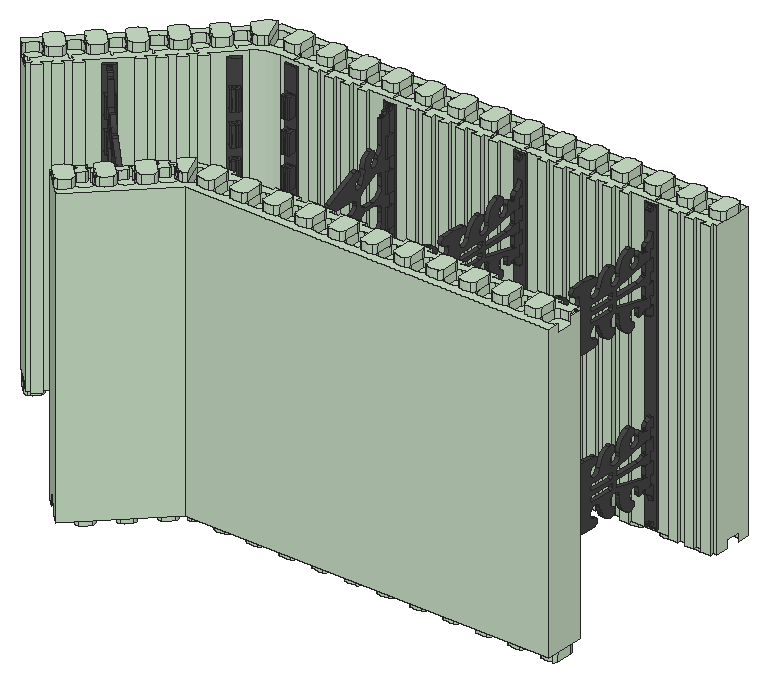
Revit family (continued)
Forms (mm)
  Extrusion 53, void
    sketch origin (547.988, 50.776, 0) x (0.707107, 0.707107, 0) y (-0.707107, 0.707107, 0)
      loop
        line (-50.56, 181.314) -> (-54.54, 177.334) -> (-51.471, 174.266) -> (-45.255, 180.482)
        arc (-45.255, 180.482) -> (-44.768, 180.814) -> (-44.193, 180.946) r 1.587
        arc (-44.193, 180.946) -> (-41.894, 181.472) -> (-39.946, 182.801) r 6.35
        line (-39.946, 182.801) -> (-23.401, 199.345)
        arc (-23.401, 199.345) -> (-21.619, 202.847) -> (-22.238, 206.726) r 6.35
        arc (-22.238, 206.726) -> (-27.183, 213.524) -> (-33.981, 218.47) r 26.988
    from 0 to 12.7
  Extrusion 54, void
    sketch origin (497.188, 50.776, 0) x (0.707107, 0.707107, 0) y (-0.707107, 0.707107, 0)
      loop
        arc (-33.981, 218.47) -> (-37.861, 219.088) -> (-41.362, 217.306) r 6.35
        line (-41.362, 217.306) -> (-57.906, 200.761)
        arc (-57.906, 200.761) -> (-59.689, 197.26) -> (-59.07, 193.38) r 6.35
        arc (-59.07, 193.38) -> (-55.492, 188.056) -> (-50.758, 183.727) r 26.988
        arc (-50.758, 183.727) -> (-50.1, 182.566) -> (-50.56, 181.314) r 1.588
        line (-50.56, 181.314) -> (-54.54, 177.334) -> (-51.471, 174.266) -> (-45.255, 180.482)
        arc (-45.255, 180.482) -> (-44.768, 180.814) -> (-44.193, 180.946) r 1.587
        arc (-44.193, 180.946) -> (-41.894, 181.472) -> (-39.946, 182.801) r 6.35
        line (-39.946, 182.801) -> (-23.401, 199.345)
        arc (-23.401, 199.345) -> (-21.619, 202.847) -> (-22.238, 206.726) r 6.35
        arc (-22.238, 206.726) -> (-27.183, 213.524) -> (-33.981, 218.47) r 26.988
    from 0 to 12.7
  Extrusion 55, void
    sketch origin (446.388, 50.776, 0) x (0.707107, 0.707107, 0) y (-0.707107, 0.707107, 0)
      loop
        arc (-33.981, 218.47) -> (-37.861, 219.088) -> (-41.362, 217.306) r 6.35
        line (-41.362, 217.306) -> (-57.906, 200.761)
        arc (-57.906, 200.761) -> (-59.689, 197.26) -> (-59.07, 193.38) r 6.35
        arc (-59.07, 193.38) -> (-55.492, 188.056) -> (-50.758, 183.727) r 26.988
        arc (-50.758, 183.727) -> (-50.1, 182.566) -> (-50.56, 181.314) r 1.588
        line (-50.56, 181.314) -> (-54.54, 177.334) -> (-51.471, 174.266) -> (-45.255, 180.482)
        arc (-45.255, 180.482) -> (-44.768, 180.814) -> (-44.193, 180.946) r 1.587
        arc (-44.193, 180.946) -> (-41.894, 181.472) -> (-39.946, 182.801) r 6.35
        line (-39.946, 182.801) -> (-23.401, 199.345)
        arc (-23.401, 199.345) -> (-21.619, 202.847) -> (-22.238, 206.726) r 6.35
        arc (-22.238, 206.726) -> (-27.183, 213.524) -> (-33.981, 218.47) r 26.988
    from 0 to 12.7
  Extrusion 56, void
    sketch origin (395.588, 50.776, 0) x (0.707107, 0.707107, 0) y (-0.707107, 0.707107, 0)
      loop
        arc (-33.981, 218.47) -> (-37.861, 219.088) -> (-41.362, 217.306) r 6.35
        line (-41.362, 217.306) -> (-57.906, 200.761)
        arc (-57.906, 200.761) -> (-59.689, 197.26) -> (-59.07, 193.38) r 6.35
        arc (-59.07, 193.38) -> (-55.492, 188.056) -> (-50.758, 183.727) r 26.988
        arc (-50.758, 183.727) -> (-50.1, 182.566) -> (-50.56, 181.314) r 1.588
        line (-50.56, 181.314) -> (-54.54, 177.334) -> (-51.471, 174.266) -> (-45.255, 180.482)
        arc (-45.255, 180.482) -> (-44.768, 180.814) -> (-44.193, 180.946) r 1.587
        arc (-44.193, 180.946) -> (-41.894, 181.472) -> (-39.946, 182.801) r 6.35
        line (-39.946, 182.801) -> (-23.401, 199.345)
        arc (-23.401, 199.345) -> (-21.619, 202.847) -> (-22.238, 206.726) r 6.35
        arc (-22.238, 206.726) -> (-27.183, 213.524) -> (-33.981, 218.47) r 26.988
    from 0 to 12.7
  Extrusion 57, void
    sketch origin (344.788, 50.776, 0) x (0.707107, 0.707107, 0) y (-0.707107, 0.707107, 0)
      loop
        arc (-33.981, 218.47) -> (-37.861, 219.088) -> (-41.362, 217.306) r 6.35
        line (-41.362, 217.306) -> (-57.906, 200.761)
        arc (-57.906, 200.761) -> (-59.689, 197.26) -> (-59.07, 193.38) r 6.35
        arc (-59.07, 193.38) -> (-55.492, 188.056) -> (-50.758, 183.727) r 26.988
        arc (-50.758, 183.727) -> (-50.1, 182.566) -> (-50.56, 181.314) r 1.588
        line (-50.56, 181.314) -> (-54.54, 177.334) -> (-51.471, 174.266) -> (-45.255, 180.482)
        arc (-45.255, 180.482) -> (-44.768, 180.814) -> (-44.193, 180.946) r 1.587
        arc (-44.193, 180.946) -> (-41.894, 181.472) -> (-39.946, 182.801) r 6.35
        line (-39.946, 182.801) -> (-23.401, 199.345)
        arc (-23.401, 199.345) -> (-21.619, 202.847) -> (-22.238, 206.726) r 6.35
        arc (-22.238, 206.726) -> (-27.183, 213.524) -> (-33.981, 218.47) r 26.988
    from 0 to 12.7
  Extrusion 58, void
    sketch origin (293.988, 50.776, 0) x (0.707107, 0.707107, 0) y (-0.707107, 0.707107, 0)
      loop
        arc (-33.981, 218.47) -> (-37.861, 219.088) -> (-41.362, 217.306) r 6.35
        line (-41.362, 217.306) -> (-57.906, 200.761)
        arc (-57.906, 200.761) -> (-59.689, 197.26) -> (-59.07, 193.38) r 6.35
        arc (-59.07, 193.38) -> (-55.492, 188.056) -> (-50.758, 183.727) r 26.988
        arc (-50.758, 183.727) -> (-50.1, 182.566) -> (-50.56, 181.314) r 1.588
        line (-50.56, 181.314) -> (-54.54, 177.334) -> (-51.471, 174.266) -> (-45.255, 180.482)
        arc (-45.255, 180.482) -> (-44.768, 180.814) -> (-44.193, 180.946) r 1.587
        arc (-44.193, 180.946) -> (-41.894, 181.472) -> (-39.946, 182.801) r 6.35
        line (-39.946, 182.801) -> (-23.401, 199.345)
        arc (-23.401, 199.345) -> (-21.619, 202.847) -> (-22.238, 206.726) r 6.35
        arc (-22.238, 206.726) -> (-27.183, 213.524) -> (-33.981, 218.47) r 26.988
    from 0 to 12.7
  Extrusion 59, void
    sketch origin (243.188, 50.776, 0) x (0.707107, 0.707107, 0) y (-0.707107, 0.707107, 0)
      loop
        arc (-33.981, 218.47) -> (-37.861, 219.088) -> (-41.362, 217.306) r 6.35
        line (-41.362, 217.306) -> (-57.906, 200.761)
        arc (-57.906, 200.761) -> (-59.689, 197.26) -> (-59.07, 193.38) r 6.35
        arc (-59.07, 193.38) -> (-55.492, 188.056) -> (-50.758, 183.727) r 26.988
        arc (-50.758, 183.727) -> (-50.1, 182.566) -> (-50.56, 181.314) r 1.588
        line (-50.56, 181.314) -> (-54.54, 177.334) -> (-51.471, 174.266) -> (-45.255, 180.482)
        arc (-45.255, 180.482) -> (-44.768, 180.814) -> (-44.193, 180.946) r 1.587
        arc (-44.193, 180.946) -> (-41.894, 181.472) -> (-39.946, 182.801) r 6.35
        line (-39.946, 182.801) -> (-23.401, 199.345)
        arc (-23.401, 199.345) -> (-21.619, 202.847) -> (-22.238, 206.726) r 6.35
        arc (-22.238, 206.726) -> (-27.183, 213.524) -> (-33.981, 218.47) r 26.988
    from 0 to 12.7
  Extrusion 60, void
    sketch origin (192.388, 50.776, 0) x (0.707107, 0.707107, 0) y (-0.707107, 0.707107, 0)
      loop
        arc (-33.981, 218.47) -> (-37.861, 219.088) -> (-41.362, 217.306) r 6.35
        line (-41.362, 217.306) -> (-57.906, 200.761)
        arc (-57.906, 200.761) -> (-59.689, 197.26) -> (-59.07, 193.38) r 6.35
        arc (-59.07, 193.38) -> (-55.492, 188.056) -> (-50.758, 183.727) r 26.988
        arc (-50.758, 183.727) -> (-50.1, 182.566) -> (-50.56, 181.314) r 1.588
        line (-50.56, 181.314) -> (-54.54, 177.334) -> (-51.471, 174.266) -> (-45.255, 180.482)
        arc (-45.255, 180.482) -> (-44.768, 180.814) -> (-44.193, 180.946) r 1.587
        arc (-44.193, 180.946) -> (-41.894, 181.472) -> (-39.946, 182.801) r 6.35
        line (-39.946, 182.801) -> (-23.401, 199.345)
        arc (-23.401, 199.345) -> (-21.619, 202.847) -> (-22.238, 206.726) r 6.35
        arc (-22.238, 206.726) -> (-27.183, 213.524) -> (-33.981, 218.47) r 26.988
    from 0 to 12.7
  Extrusion 61, void
    sketch origin (141.588, 50.776, 0) x (0.707107, 0.707107, 0) y (-0.707107, 0.707107, 0)
      loop
        arc (-33.981, 218.47) -> (-37.861, 219.088) -> (-41.362, 217.306) r 6.35
        line (-41.362, 217.306) -> (-57.906, 200.761)
        arc (-57.906, 200.761) -> (-59.689, 197.26) -> (-59.07, 193.38) r 6.35
        arc (-59.07, 193.38) -> (-55.492, 188.056) -> (-50.758, 183.727) r 26.988
        arc (-50.758, 183.727) -> (-50.1, 182.566) -> (-50.56, 181.314) r 1.588
        line (-50.56, 181.314) -> (-54.54, 177.334) -> (-51.471, 174.266) -> (-45.255, 180.482)
        arc (-45.255, 180.482) -> (-44.768, 180.814) -> (-44.193, 180.946) r 1.587
        arc (-44.193, 180.946) -> (-41.894, 181.472) -> (-39.946, 182.801) r 6.35
        line (-39.946, 182.801) -> (-23.401, 199.345)
        arc (-23.401, 199.345) -> (-21.619, 202.847) -> (-22.238, 206.726) r 6.35
        arc (-22.238, 206.726) -> (-27.183, 213.524) -> (-33.981, 218.47) r 26.988
    from 0 to 12.7
  Extrusion 62, void
    sketch origin (86.74, 158.539, 0) x (0, 1, 0) y (-1, 0, 0)
      loop
        arc (-33.981, 218.47) -> (-37.861, 219.088) -> (-41.362, 217.306) r 6.35
        line (-41.362, 217.306) -> (-57.906, 200.761)
        arc (-57.906, 200.761) -> (-59.689, 197.26) -> (-59.07, 193.38) r 6.35
        arc (-59.07, 193.38) -> (-55.492, 188.056) -> (-50.758, 183.727) r 26.988
        arc (-50.758, 183.727) -> (-50.1, 182.566) -> (-50.56, 181.314) r 1.588
        line (-50.56, 181.314) -> (-54.54, 177.334) -> (-51.471, 174.266) -> (-45.255, 180.482)
        arc (-45.255, 180.482) -> (-44.768, 180.814) -> (-44.193, 180.946) r 1.587
        arc (-44.193, 180.946) -> (-41.894, 181.472) -> (-39.946, 182.801) r 6.35
        line (-39.946, 182.801) -> (-23.401, 199.345)
        arc (-23.401, 199.345) -> (-21.619, 202.847) -> (-22.238, 206.726) r 6.35
        arc (-22.238, 206.726) -> (-27.183, 213.524) -> (-33.981, 218.47) r 26.988
    from 0 to 12.7
  Extrusion 63, void
    sketch origin (50.819, 122.618, 0) x (0, 1, 0) y (-1, 0, 0)
      loop
        arc (-33.981, 218.47) -> (-37.861, 219.088) -> (-41.362, 217.306) r 6.35
        line (-41.362, 217.306) -> (-57.906, 200.761)
        arc (-57.906, 200.761) -> (-59.689, 197.26) -> (-59.07, 193.38) r 6.35
        arc (-59.07, 193.38) -> (-55.492, 188.056) -> (-50.758, 183.727) r 26.988
        arc (-50.758, 183.727) -> (-50.1, 182.566) -> (-50.56, 181.314) r 1.588
        line (-50.56, 181.314) -> (-54.54, 177.334) -> (-51.471, 174.266) -> (-45.255, 180.482)
        arc (-45.255, 180.482) -> (-44.768, 180.814) -> (-44.193, 180.946) r 1.587
        arc (-44.193, 180.946) -> (-41.894, 181.472) -> (-39.946, 182.801) r 6.35
        line (-39.946, 182.801) -> (-23.401, 199.345)
        arc (-23.401, 199.345) -> (-21.619, 202.847) -> (-22.238, 206.726) r 6.35
        arc (-22.238, 206.726) -> (-27.183, 213.524) -> (-33.981, 218.47) r 26.988
    from 0 to 12.7
  Extrusion 64, void
    sketch origin (14.898, 86.697, 0) x (0, 1, 0) y (-1, 0, 0)
      loop
        arc (-33.981, 218.47) -> (-37.861, 219.088) -> (-41.362, 217.306) r 6.35
        line (-41.362, 217.306) -> (-57.906, 200.761)
        arc (-57.906, 200.761) -> (-59.689, 197.26) -> (-59.07, 193.38) r 6.35
        arc (-59.07, 193.38) -> (-55.492, 188.056) -> (-50.758, 183.727) r 26.988
        arc (-50.758, 183.727) -> (-50.1, 182.566) -> (-50.56, 181.314) r 1.588
        line (-50.56, 181.314) -> (-54.54, 177.334) -> (-51.471, 174.266) -> (-45.255, 180.482)
        arc (-45.255, 180.482) -> (-44.768, 180.814) -> (-44.193, 180.946) r 1.587
        arc (-44.193, 180.946) -> (-41.894, 181.472) -> (-39.946, 182.801) r 6.35
        line (-39.946, 182.801) -> (-23.401, 199.345)
        arc (-23.401, 199.345) -> (-21.619, 202.847) -> (-22.238, 206.726) r 6.35
        arc (-22.238, 206.726) -> (-27.183, 213.524) -> (-33.981, 218.47) r 26.988
    from 0 to 12.7
  Extrusion 65, void
    sketch origin (-21.023, 50.776, 0) x (0, 1, 0) y (-1, 0, 0)
      loop
        arc (-33.981, 218.47) -> (-37.861, 219.088) -> (-41.362, 217.306) r 6.35
        line (-41.362, 217.306) -> (-57.906, 200.761)
        arc (-57.906, 200.761) -> (-59.689, 197.26) -> (-59.07, 193.38) r 6.35
        arc (-59.07, 193.38) -> (-55.492, 188.056) -> (-50.758, 183.727) r 26.988
        arc (-50.758, 183.727) -> (-50.1, 182.566) -> (-50.56, 181.314) r 1.588
        line (-50.56, 181.314) -> (-54.54, 177.334) -> (-51.471, 174.266) -> (-45.255, 180.482)
        arc (-45.255, 180.482) -> (-44.768, 180.814) -> (-44.193, 180.946) r 1.587
        arc (-44.193, 180.946) -> (-41.894, 181.472) -> (-39.946, 182.801) r 6.35
        line (-39.946, 182.801) -> (-23.401, 199.345)
        arc (-23.401, 199.345) -> (-21.619, 202.847) -> (-22.238, 206.726) r 6.35
        arc (-22.238, 206.726) -> (-27.183, 213.524) -> (-33.981, 218.47) r 26.988
    from 0 to 12.7
  Extrusion 66, void
    sketch origin (436.177, 50.776, 0) x (-0.707107, 0.707107, 0) y (-0.707107, -0.707107, 0)
      loop
        arc (-33.981, -218.47) -> (-27.183, -213.524) -> (-22.238, -206.726) r 26.988
        arc (-22.238, -206.726) -> (-21.619, -202.847) -> (-23.401, -199.345) r 6.35
        line (-23.401, -199.345) -> (-39.946, -182.801)
        arc (-39.946, -182.801) -> (-41.894, -181.472) -> (-44.193, -180.946) r 6.35
        arc (-44.193, -180.946) -> (-44.768, -180.814) -> (-45.255, -180.482) r 1.587
        line (-45.255, -180.482) -> (-51.471, -174.266) -> (-54.54, -177.334) -> (-50.56, -181.314)
        arc (-50.56, -181.314) -> (-50.1, -182.566) -> (-50.758, -183.727) r 1.588
        arc (-50.758, -183.727) -> (-55.492, -188.056) -> (-59.07, -193.38) r 26.988
        arc (-59.07, -193.38) -> (-59.689, -197.26) -> (-57.906, -200.761) r 6.35
        line (-57.906, -200.761) -> (-41.362, -217.306)
        arc (-41.362, -217.306) -> (-37.861, -219.088) -> (-33.981, -218.47) r 6.35
    from 457.2 to 444.5
  Extrusion 67, void
    sketch origin (801.988, 50.776, 0) x (0.707107, 0.707107, 0) y (-0.707107, 0.707107, 0)
      loop
        arc (-33.981, 218.47) -> (-37.861, 219.088) -> (-41.362, 217.306) r 6.35
        line (-41.362, 217.306) -> (-57.906, 200.761)
        arc (-57.906, 200.761) -> (-59.689, 197.26) -> (-59.07, 193.38) r 6.35
        arc (-59.07, 193.38) -> (-55.492, 188.056) -> (-50.758, 183.727) r 26.988
        arc (-50.758, 183.727) -> (-50.1, 182.566) -> (-50.56, 181.314) r 1.588
        line (-50.56, 181.314) -> (-54.54, 177.334) -> (-51.471, 174.266) -> (-45.255, 180.482)
        arc (-45.255, 180.482) -> (-44.768, 180.814) -> (-44.193, 180.946) r 1.587
        arc (-44.193, 180.946) -> (-41.894, 181.472) -> (-39.946, 182.801) r 6.35
        line (-39.946, 182.801) -> (-23.401, 199.345)
        arc (-23.401, 199.345) -> (-21.619, 202.847) -> (-22.238, 206.726) r 6.35
        arc (-22.238, 206.726) -> (-27.183, 213.524) -> (-33.981, 218.47) r 26.988
    from 0 to 12.7
  Extrusion 68, void
    sketch origin (-315.612, -243.813, 0) x (-1, 0, 0) y (0, -1, 0)
      loop
        arc (-33.981, -218.47) -> (-27.183, -213.524) -> (-22.238, -206.726) r 26.988
        arc (-22.238, -206.726) -> (-21.619, -202.847) -> (-23.401, -199.345) r 6.35
        line (-23.401, -199.345) -> (-39.946, -182.801)
        arc (-39.946, -182.801) -> (-41.894, -181.472) -> (-44.193, -180.946) r 6.35
        arc (-44.193, -180.946) -> (-44.768, -180.814) -> (-45.255, -180.482) r 1.587
        line (-45.255, -180.482) -> (-51.471, -174.266) -> (-54.54, -177.334) -> (-50.56, -181.314)
        arc (-50.56, -181.314) -> (-50.1, -182.566) -> (-50.758, -183.727) r 1.588
        arc (-50.758, -183.727) -> (-55.492, -188.056) -> (-59.07, -193.38) r 26.988
        arc (-59.07, -193.38) -> (-59.689, -197.26) -> (-57.906, -200.761) r 6.35
        line (-57.906, -200.761) -> (-41.362, -217.306)
        arc (-41.362, -217.306) -> (-37.861, -219.088) -> (-33.981, -218.47) r 6.35
    from 457.2 to 444.5
  Extrusion 69, void
    sketch origin (-56.944, 14.855, 0) x (0, 1, 0) y (-1, 0, 0)
      loop
        arc (-33.981, 218.47) -> (-37.861, 219.088) -> (-41.362, 217.306) r 6.35
        line (-41.362, 217.306) -> (-57.906, 200.761)
        arc (-57.906, 200.761) -> (-59.689, 197.26) -> (-59.07, 193.38) r 6.35
        arc (-59.07, 193.38) -> (-55.492, 188.056) -> (-50.758, 183.727) r 26.988
        arc (-50.758, 183.727) -> (-50.1, 182.566) -> (-50.56, 181.314) r 1.588
        line (-50.56, 181.314) -> (-54.54, 177.334) -> (-51.471, 174.266) -> (-45.255, 180.482)
        arc (-45.255, 180.482) -> (-44.768, 180.814) -> (-44.193, 180.946) r 1.587
        arc (-44.193, 180.946) -> (-41.894, 181.472) -> (-39.946, 182.801) r 6.35
        line (-39.946, 182.801) -> (-23.401, 199.345)
        arc (-23.401, 199.345) -> (-21.619, 202.847) -> (-22.238, 206.726) r 6.35
        arc (-22.238, 206.726) -> (-27.183, 213.524) -> (-33.981, 218.47) r 26.988
    from 0 to 12.7
  Extrusion 70, void
    sketch origin (86.533, 15.062, 0) x (1, 0, 0) y (0, 1, 0)
      loop
        arc (-33.981, -218.47) -> (-27.183, -213.524) -> (-22.238, -206.726) r 26.988
        arc (-22.238, -206.726) -> (-21.619, -202.847) -> (-23.401, -199.345) r 6.35
        line (-23.401, -199.345) -> (-39.946, -182.801)
        arc (-39.946, -182.801) -> (-41.894, -181.472) -> (-44.193, -180.946) r 6.35
        arc (-44.193, -180.946) -> (-44.768, -180.814) -> (-45.255, -180.482) r 1.587
        line (-45.255, -180.482) -> (-51.471, -174.266) -> (-54.54, -177.334) -> (-50.56, -181.314)
        arc (-50.56, -181.314) -> (-50.1, -182.566) -> (-50.758, -183.727) r 1.588
        arc (-50.758, -183.727) -> (-55.492, -188.056) -> (-59.07, -193.38) r 26.988
        arc (-59.07, -193.38) -> (-59.689, -197.26) -> (-57.906, -200.761) r 6.35
        line (-57.906, -200.761) -> (-41.362, -217.306)
        arc (-41.362, -217.306) -> (-37.861, -219.088) -> (-33.981, -218.47) r 6.35
    from 457.2 to 444.5
  Extrusion 71, void
    sketch origin (-71.823, -50.531, 0) x (-0.707107, -0.707107, 0) y (0.707107, -0.707107, 0)
      loop
        arc (-33.981, 218.47) -> (-37.861, 219.088) -> (-41.362, 217.306) r 6.35
        line (-41.362, 217.306) -> (-57.906, 200.761)
        arc (-57.906, 200.761) -> (-59.689, 197.26) -> (-59.07, 193.38) r 6.35
        arc (-59.07, 193.38) -> (-55.492, 188.056) -> (-50.758, 183.727) r 26.988
        arc (-50.758, 183.727) -> (-50.1, 182.566) -> (-50.56, 181.314) r 1.588
        line (-50.56, 181.314) -> (-54.54, 177.334) -> (-51.471, 174.266) -> (-45.255, 180.482)
        arc (-45.255, 180.482) -> (-44.768, 180.814) -> (-44.193, 180.946) r 1.587
        arc (-44.193, 180.946) -> (-41.894, 181.472) -> (-39.946, 182.801) r 6.35
        line (-39.946, 182.801) -> (-23.401, 199.345)
        arc (-23.401, 199.345) -> (-21.619, 202.847) -> (-22.238, 206.726) r 6.35
        arc (-22.238, 206.726) -> (-27.183, 213.524) -> (-33.981, 218.47) r 26.988
    from 0 to 12.7
  Extrusion 72, solid, material "NUDURA Expanded Polystyrene Foam Insulation"
    sketch origin (-790.74, 163.505, 0) x (1, 0, 0) y (0, 1, 0)
      loop
        arc (854.078, -347.702) -> (857.58, -349.485) -> (861.459, -348.866) r 6.35
        arc (861.459, -348.866) -> (863.979, -347.401) -> (866.326, -345.672) r 26.987
        line (866.326, -345.672) -> (851.848, -310.719)
        arc (851.848, -310.719) -> (843.366, -315.81) -> (836.736, -323.152) r 33.575
        arc (836.736, -323.152) -> (835.705, -327.298) -> (837.534, -331.158) r 6.35
        line (837.534, -331.158) -> (854.078, -347.702)
    from 457.2 to 469.9
  Extrusion 73, solid, material "NUDURA Expanded Polystyrene Foam Insulation"
    sketch origin (443.745, 674.845, 0) x (-0.707107, -0.707107, 0) y (0.707107, -0.707107, 0)
      loop
        line (854.078, 347.702) -> (837.534, 331.158)
        arc (837.534, 331.158) -> (835.705, 327.298) -> (836.736, 323.152) r 6.35
        arc (836.736, 323.152) -> (843.366, 315.81) -> (851.848, 310.719) r 33.575
        line (851.848, 310.719) -> (866.326, 345.672)
        arc (866.326, 345.672) -> (863.979, 347.401) -> (861.459, 348.866) r 26.987
        arc (861.459, 348.866) -> (857.58, 349.485) -> (854.078, 347.702) r 6.35
    from 0 to -12.7
  Extrusion 74, void
    sketch origin (-790.74, 163.505, 0) x (1, 0, 0) y (0, 1, 0)
      loop
        arc (866.326, -345.672) -> (869.208, -345.235) -> (872.026, -344.489) r 26.987
        arc (872.026, -344.489) -> (875.207, -342.183) -> (876.422, -338.447) r 6.35
        line (876.422, -338.447) -> (876.422, -315.05)
        arc (876.422, -315.05) -> (874.986, -311.027) -> (871.326, -308.825) r 6.35
        arc (871.326, -308.825) -> (861.446, -308.321) -> (851.848, -310.719) r 33.575
        line (851.848, -310.719) -> (866.326, -345.672)
    from 457.2 to 444.5
  Extrusion 75, void
    sketch origin (443.745, 674.845, 0) x (-0.707107, -0.707107, 0) y (0.707107, -0.707107, 0)
      loop
        line (866.326, 345.672) -> (851.848, 310.719)
        arc (851.848, 310.719) -> (861.446, 308.321) -> (871.326, 308.825) r 33.575
        arc (871.326, 308.825) -> (874.986, 311.027) -> (876.422, 315.05) r 6.35
        line (876.422, 315.05) -> (876.422, 338.447)
        arc (876.422, 338.447) -> (875.207, 342.183) -> (872.026, 344.489) r 6.35
        arc (872.026, 344.489) -> (869.208, 345.235) -> (866.326, 345.672) r 26.987
    from 0 to 12.7
Cuts and joins
  Extrusion 4, Extrusion 5, Extrusion 6, Extrusion 7, Extrusion 8, Extrusion 9, Extrusion 10, Extrusion 11, Extrusion 12, Extrusion 13, Extrusion 14, Extrusion 15, Extrusion 16, Extrusion 17, Extrusion 18, Extrusion 19, Extrusion 20, Extrusion 21, Extrusion 22, Extrusion 23, Extrusion 24, Extrusion 25, Extrusion 26, Extrusion 27, Extrusion 28, Extrusion 29, Extrusion 30, Extrusion 31, Extrusion 32, Extrusion 33, Extrusion 34, Extrusion 35, Extrusion 36, Extrusion 37, Extrusion 38, Extrusion 39, Extrusion 40, Extrusion 41, Extrusion 42, Extrusion 43, Extrusion 44, Extrusion 45, Extrusion 46, Extrusion 47, Extrusion 48, Extrusion 49, Extrusion 50, Extrusion 51, Extrusion 52, Extrusion 53, Extrusion 54, Extrusion 55, Extrusion 56, Extrusion 57, Extrusion 58, Extrusion 59, Extrusion 60, Extrusion 61, Extrusion 62, Extrusion 63, Extrusion 64, Extrusion 65, Extrusion 66, Extrusion 67, Extrusion 68, Extrusion 69, Extrusion 70, Extrusion 71, Extrusion 74, Extrusion 75 cuts Extrusion 1
  Extrusion 33 cuts Extrusion 2
  Extrusion 35 cuts Extrusion 3
  Extrusion 70 cuts Extrusion 72
  Extrusion 71 cuts Extrusion 73
Lines and regions (mm)
  model lines
    curve 1: line (238.083, 193.651, 457.2) -> (238.083, 193.651, 0)
Dimensions and locks
  aligned and locked: level to plane 2
  aligned and locked: Extrusion 1 to level
  aligned and locked: level to Extrusion 1  (x2)
  aligned and locked: nested 64 to nested 68
  aligned and locked: nested 69 to nested 66
  aligned and locked: nested 63 to nested 68
  aligned and locked: nested 67 to nested 82
Nested families
  nested 1: "Interlock Tooth" at (593.683, -50.531, 0), type "Interlock Tooth"
  nested 2: "Interlock Tooth" at (542.883, -50.531, 0), type "Interlock Tooth"
  nested 3: "Interlock Tooth" at (492.083, -50.531, 0), type "Interlock Tooth"
  nested 4: "Interlock Tooth" at (441.283, -50.531, 0), type "Interlock Tooth"
  nested 5: "Interlock Tooth" at (390.483, -50.531, 0), type "Interlock Tooth"
  nested 6: "Interlock Tooth" at (339.683, -50.531, 0), type "Interlock Tooth"
  nested 7: "Interlock Tooth" at (288.883, -50.531, 0), type "Interlock Tooth"
  nested 8: "Interlock Tooth" at (238.083, -50.531, 0), type "Interlock Tooth"
  nested 9: "Interlock Tooth" at (187.283, -50.531, 0), type "Interlock Tooth"
  nested 10: "Interlock Tooth" at (136.483, -50.531, 0), type "Interlock Tooth"
  nested 11: "Interlock Tooth" at (-60.761, -132.232, 0) x (0.7071, 0.7071, 0) z (0, 0, 1), type "Interlock Tooth"
  nested 12: "Interlock Tooth" at (-96.682, -168.153, 0) x (0.7071, 0.7071, 0) z (0, 0, 1), type "Interlock Tooth"
  nested 13: "Interlock Tooth" at (-132.603, -204.074, 0) x (0.7071, 0.7071, 0) z (0, 0, 1), type "Interlock Tooth"
  nested 14: "Interlock Tooth" at (568.283, 50.776, 0), type "Interlock Tooth"
  nested 15: "Interlock Tooth" at (517.483, 50.776, 0), type "Interlock Tooth"
  nested 16: "Interlock Tooth" at (466.683, 50.776, 0), type "Interlock Tooth"
  nested 17: "Interlock Tooth" at (415.883, 50.776, 0), type "Interlock Tooth"
  nested 18: "Interlock Tooth" at (365.083, 50.776, 0), type "Interlock Tooth"
  nested 19: "Interlock Tooth" at (314.283, 50.776, 0), type "Interlock Tooth"
  nested 20: "Interlock Tooth" at (263.483, 50.776, 0), type "Interlock Tooth"
  nested 21: "Interlock Tooth" at (212.683, 50.776, 0), type "Interlock Tooth"
  nested 22: "Interlock Tooth" at (161.883, 50.776, 0), type "Interlock Tooth"
  nested 23: "Interlock Tooth" at (111.083, 50.776, 0), type "Interlock Tooth"
  nested 24: "Interlock Tooth" at (60.283, 50.776, 0), type "Interlock Tooth"
  nested 25: "Interlock Tooth" at (9.483, 50.776, 0), type "Interlock Tooth"
  nested 26: "Interlock Tooth" at (-41.317, 50.776, 0), type "Interlock Tooth"
  nested 27: "Interlock Tooth" at (-42.594, 29.205, 0) x (0.7071, 0.7071, 0) z (0, 0, 1), type "Interlock Tooth"
  nested 28: "Interlock Tooth" at (-78.515, -6.716, 0) x (0.7071, 0.7071, 0) z (0, 0, 1), type "Interlock Tooth"
  nested 29: "Interlock Tooth" at (-114.436, -42.637, 0) x (0.7071, 0.7071, 0) z (0, 0, 1), type "Interlock Tooth"
  nested 30: "Interlock Tooth" at (-150.357, -78.558, 0) x (0.7071, 0.7071, 0) z (0, 0, 1), type "Interlock Tooth"
  nested 31: "Interlock Tooth" at (-114.643, -186.114, -469.9) x (0.7071, 0.7071, 0) z (0, 0, 1), type "Interlock Tooth"
  nested 32: "Interlock Tooth" at (-78.722, -150.193, -469.9) x (0.7071, 0.7071, 0) z (0, 0, 1), type "Interlock Tooth"
  nested 33: "Interlock Tooth" at (-327.717, 62.881, -469.9) x (0.7071, 0.7071, 0) z (0, 0, 1), type "Interlock Tooth"
  nested 34: "Interlock Tooth" at (-291.796, 98.802, -469.9) x (0.7071, 0.7071, 0) z (0, 0, 1), type "Interlock Tooth"
  nested 35: "Interlock Tooth" at (-255.875, 134.723, -469.9) x (0.7071, 0.7071, 0) z (0, 0, 1), type "Interlock Tooth"
  nested 36: "Interlock Tooth" at (-219.954, 170.644, -469.9) x (0.7071, 0.7071, 0) z (0, 0, 1), type "Interlock Tooth"
  nested 37: "Interlock Tooth" at (-184.033, 206.565, -469.9) x (0.7071, 0.7071, 0) z (0, 0, 1), type "Interlock Tooth"
  nested 38: "Interlock Tooth" at (9.483, 50.776, -469.9) x (-1, 0, 0) z (0, 0, 1), type "Interlock Tooth"
  nested 39: "Interlock Tooth" at (60.283, 50.776, -469.9) x (-1, 0, 0) z (0, 0, 1), type "Interlock Tooth"
  nested 40: "Interlock Tooth" at (111.083, 50.776, -469.9) x (-1, 0, 0) z (0, 0, 1), type "Interlock Tooth"
  nested 41: "Interlock Tooth" at (161.883, 50.776, -469.9) x (-1, 0, 0) z (0, 0, 1), type "Interlock Tooth"
  nested 42: "Interlock Tooth" at (212.683, 50.776, -469.9) x (-1, 0, 0) z (0, 0, 1), type "Interlock Tooth"
  nested 43: "Interlock Tooth" at (263.483, 50.776, -469.9) x (-1, 0, 0) z (0, 0, 1), type "Interlock Tooth"
  nested 44: "Interlock Tooth" at (314.283, 50.776, -469.9) x (-1, 0, 0) z (0, 0, 1), type "Interlock Tooth"
  nested 45: "Interlock Tooth" at (365.083, 50.776, -469.9) x (-1, 0, 0) z (0, 0, 1), type "Interlock Tooth"
  nested 46: "Interlock Tooth" at (415.883, 50.776, -469.9) x (-1, 0, 0) z (0, 0, 1), type "Interlock Tooth"
  nested 47: "Interlock Tooth" at (466.683, 50.776, -469.9) x (-1, 0, 0) z (0, 0, 1), type "Interlock Tooth"
  nested 48: "Interlock Tooth" at (517.483, 50.776, -469.9) x (-1, 0, 0) z (0, 0, 1), type "Interlock Tooth"
  nested 49: "Interlock Tooth" at (568.283, 50.776, -469.9) x (-1, 0, 0) z (0, 0, 1), type "Interlock Tooth"
  nested 50: "Interlock Tooth" at (644.483, -50.531, -469.9) x (-1, 0, 0) z (0, 0, 1), type "Interlock Tooth"
  nested 51: "Interlock Tooth" at (593.683, -50.531, -469.9) x (-1, 0, 0) z (0, 0, 1), type "Interlock Tooth"
  nested 52: "Interlock Tooth" at (542.883, -50.531, -469.9) x (-1, 0, 0) z (0, 0, 1), type "Interlock Tooth"
  nested 53: "Interlock Tooth" at (492.083, -50.531, -469.9) x (-1, 0, 0) z (0, 0, 1), type "Interlock Tooth"
  nested 54: "Interlock Tooth" at (441.283, -50.531, -469.9) x (-1, 0, 0) z (0, 0, 1), type "Interlock Tooth"
  nested 55: "Interlock Tooth" at (390.483, -50.531, -469.9) x (-1, 0, 0) z (0, 0, 1), type "Interlock Tooth"
  nested 56: "Interlock Tooth" at (339.683, -50.531, -469.9) x (-1, 0, 0) z (0, 0, 1), type "Interlock Tooth"
  nested 57: "Interlock Tooth" at (288.883, -50.531, -469.9) x (-1, 0, 0) z (0, 0, 1), type "Interlock Tooth"
  nested 58: "Interlock Tooth" at (238.083, -50.531, -469.9) x (-1, 0, 0) z (0, 0, 1), type "Interlock Tooth"
  nested 59: "Interlock Tooth" at (187.283, -50.531, -469.9) x (-1, 0, 0) z (0, 0, 1), type "Interlock Tooth"
  nested 60: "Interlock Tooth" at (136.483, -50.531, -469.9) x (-1, 0, 0) z (0, 0, 1), type "Interlock Tooth"
  nested 61: "Capture Lugs" at (-15.917, 50.776, 0) x (-1, 0, 0) z (0, 0, 1), type "Capture Lugs"
  nested 62: "Capture Lugs" at (-24.633, 47.165, 0) x (-0.7071, -0.7071, 0) z (0, 0, 1), type "Capture Lugs"
  nested 63: "NUDURA Diamond Pattern" at (441.283, -50.824, 0), type "NUDURA Diamond Pattern"
  nested 64: "NUDURA Diamond Pattern" at (34.883, -50.824, 0), type "NUDURA Diamond Pattern"
  nested 65: "NUDURA Diamond Pattern" at (441.283, 50.776, 0), type "NUDURA Diamond Pattern"
  nested 66: "NUDURA Diamond Pattern" at (238.083, 50.776, 0), type "NUDURA Diamond Pattern"
  nested 67: "NUDURA Logo Diamond" at (-17.944, 255.91, 0) x (-0.7071, -0.7071, 0) z (0, 0, 1), type "NUDURA Logo Diamond"
  nested 68: "NUDURA Logo Diamond" at (34.948, -193.699, 0), type "NUDURA Logo Diamond"
  nested 69: "NUDURA Logo Diamond Missing Outside Line" at (441.218, 193.651, 0) x (-1, 0, 0) z (0, 0, 1), type "NUDURA Logo Diamond without Outside Line"
  nested 70: "NUDURA Diamond Pattern Missing Two Lines" at (-132.396, -204.282, 0) x (0.7071, 0.7071, 0) z (0, 0, 1), type "NUDURA Diamond Pattern minus Two lines"
  nested 71: "Interlock Tooth" at (619.083, 50.776, 0), type "Interlock Tooth"
  nested 72: "Interlock Tooth" at (619.083, 50.776, -469.9) x (-1, 0, 0) z (0, 0, 1), type "Interlock Tooth"
  nested 73: "Interlock Tooth" at (-186.278, -114.479, 0) x (0.7071, 0.7071, 0) z (0, 0, 1), type "Interlock Tooth"
  nested 74: "Interlock Tooth" at (-363.638, 26.96, -469.9) x (0.7071, 0.7071, 0) z (0, 0, 1), type "Interlock Tooth"
  nested 75: "Interlock Tooth" at (-42.801, -114.272, -469.9) x (0.7071, 0.7071, 0) z (0, 0, 1), type "Interlock Tooth"
  nested 76: "Interlock Tooth" at (85.683, -50.531, 0), type "Interlock Tooth"
  nested 77: "10-inch Web" at (542.883, -0.024, 0), type "10-inch Web"
  nested 78: "10-inch Web" at (339.683, -0.024, 0), type "10-inch Web"
  nested 79: "10-inch Insert Web" at (136.483, -0.024, 0), type "10-inch Insert Web"
  nested 80: "10-inch Insert Web" at (-96.475, -96.519, 0) x (0.7071, 0.7071, 0) z (0, 0, 1), type "10-inch Insert Web"
  nested 81: "NUDURA Diamond Pattern Missing one line" at (-117.517, 336.526, 0), type "NUDURA Diamond Pattern Misssing one line"
  nested 82: "NUDURA Diamond Pattern Missing one line" at (-298.531, 177.379, 0) x (0.7071, 0.7071, 0) z (0, 0, 1), type "NUDURA Diamond Pattern Misssing one line"
Definition of nested family "Interlock Tooth"
  Reference planes
    plane 1 "Center (Front/Back)": y = 0
    plane 2: z = 0
    plane 3 "Center (Left/Right)": x = 0
    plane 4: z = 457.2
    plane 5: z = 469.9
    plane 6: z = -12.7
  Forms (mm)
    Extrusion 1, solid, material "NUDURA Expanded Polystyrene Foam Insulation"
      sketch origin (0, -225.425, 0) x (1, 0, 0) y (0, 1, 0)
        loop
          arc (0, 101.014) -> (1.215, 97.278) -> (4.396, 94.972) r 6.35
          arc (4.396, 94.972) -> (12.7, 93.663) -> (21.004, 94.972) r 26.988
          arc (21.004, 94.972) -> (24.185, 97.278) -> (25.4, 101.014) r 6.35
          line (25.4, 101.014) -> (25.4, 124.411)
          arc (25.4, 124.411) -> (24.185, 128.147) -> (21.004, 130.453) r 6.35
          arc (21.004, 130.453) -> (12.7, 131.763) -> (4.396, 130.453) r 26.987
          arc (4.396, 130.453) -> (1.215, 128.147) -> (0, 124.411) r 6.35
          line (0, 124.411) -> (0, 101.014)
      from 457.2 to 469.9
  Dimensions and locks
    locked: plane 4 to level at 457.2
    locked: plane 4 to plane 5 at 12.7
    locked: plane 6 to level at 12.7
Definition of nested family "Capture Lugs"
  Reference planes
    plane 1 "Center (Front/Back)": y = 0
    plane 2: z = 0
    plane 3 "Center (Left/Right)": x = 0
  Forms (mm)
    Extrusion 1, solid, material "High Density Polystyrene"
      sketch origin (0, 0, 0) x (0, 1, 0) y (0, 0, 1)
        loop
          arc (-82.55, 0) -> (-81.817, 0.502) -> (-81.534, 1.344) r 1.397
          line (-81.534, 1.344) -> (-81.534, 449.4)
          arc (-81.534, 449.4) -> (-81.817, 450.243) -> (-82.55, 450.744) r 1.397
          line (-82.55, 450.744) -> (-82.55, 0)
      from 9.227 to -9.227
    Extrusion 2, solid, material "High Density Polystyrene"
      sketch origin (0, 0, 0) x (0, 1, 0) y (0, 0, 1)
        loop
          line (-81.534, 410.919) -> (-81.534, 380.439) -> (-68.834, 380.439) -> (-68.834, 410.919) -> (-81.534, 410.919)
        loop
          line (-81.534, 361.389) -> (-81.534, 330.909) -> (-68.834, 330.909) -> (-68.834, 361.389) -> (-81.534, 361.389)
        loop
          line (-81.534, 311.859) -> (-81.534, 281.379) -> (-68.834, 281.379) -> (-68.834, 311.859) -> (-81.534, 311.859)
        loop
          line (-81.534, 262.329) -> (-81.534, 234.897) -> (-68.834, 234.897) -> (-68.834, 262.329) -> (-81.534, 262.329)
        loop
          line (-81.534, 215.847) -> (-81.534, 188.415) -> (-68.834, 188.415) -> (-68.834, 215.847) -> (-81.534, 215.847)
        loop
          line (-81.534, 169.365) -> (-81.534, 138.885) -> (-68.834, 138.885) -> (-68.834, 169.365) -> (-81.534, 169.365)
        loop
          line (-81.534, 119.835) -> (-81.534, 89.355) -> (-68.834, 89.355) -> (-68.834, 119.835) -> (-81.534, 119.835)
        loop
          line (-81.534, 70.305) -> (-81.534, 39.825) -> (-68.834, 39.825) -> (-68.834, 70.305) -> (-81.534, 70.305)
      from 6.35 to -6.35
    Extrusion 3, void
      sketch origin (0, 0, 0) x (1, 0, 0) y (0, 1, 0)
        loop
          arc (-6.35, -70.929) -> (-5.736, -69.448) -> (-4.255, -68.834) r 2.095
          line (-4.255, -68.834) -> (-6.35, -68.834) -> (-6.35, -70.929)
      from 0 to 457.2
    Extrusion 4, void
      sketch origin (0, 0, 0) x (-1, 0, 0) y (0, -1, 0)
        loop
          line (-6.35, 70.929) -> (-6.35, 68.834) -> (-4.255, 68.834)
          arc (-4.255, 68.834) -> (-5.736, 69.448) -> (-6.35, 70.929) r 2.095
      from 0 to 457.2
    Extrusion 5, void
      sketch origin (0, 0, 0) x (1, 0, 0) y (0, 1, 0)
        loop
          arc (-1.191, -72.009) -> (0, -78.127) -> (1.191, -72.009) r 3.175
          line (1.191, -72.009) -> (1.191, -68.834) -> (-1.191, -68.834) -> (-1.191, -72.009)
      from 0 to 457.2
  Cuts and joins
    Extrusion 3, Extrusion 4 cuts Extrusion 1
    Extrusion 3, Extrusion 4, Extrusion 5 cuts Extrusion 2
Definition of nested family "10-inch Web"
  Reference planes
    plane 1 "Center (Front/Back)": y = 0
    plane 2: z = 0
    plane 3 "Center (Left/Right)": x = 0
  Forms (mm)
    Extrusion 1, solid, material "Polypropylene"
      sketch origin (0, 0, -12.7) x (0, 1, 0) y (0, 0, 1)
        loop
          arc (131.699, 25.02) -> (131.54, 24.651) -> (131.163, 24.513) r 0.508
          line (131.163, 24.513) -> (127.155, 24.735)
          arc (127.155, 24.735) -> (126.778, 24.597) -> (126.619, 24.228) r 0.508
          line (126.619, 24.228) -> (126.619, 22.419)
          arc (126.619, 22.419) -> (126.724, 22.033) -> (127.011, 21.753) r 0.762
          line (127.011, 21.753) -> (131.307, 19.367)
          arc (131.307, 19.367) -> (131.594, 19.087) -> (131.699, 18.7) r 0.762
          line (131.699, 18.7) -> (131.699, 25.02)
        loop
          line (-131.699, 25.02) -> (-131.699, 18.7)
          arc (-131.699, 18.7) -> (-131.594, 19.087) -> (-131.307, 19.367) r 0.762
          line (-131.307, 19.367) -> (-127.011, 21.753)
          arc (-127.011, 21.753) -> (-126.724, 22.033) -> (-126.619, 22.419) r 0.762
          line (-126.619, 22.419) -> (-126.619, 24.228)
          arc (-126.619, 24.228) -> (-126.778, 24.597) -> (-127.155, 24.735) r 0.508
          line (-127.155, 24.735) -> (-131.163, 24.513)
          arc (-131.163, 24.513) -> (-131.54, 24.651) -> (-131.699, 25.02) r 0.508
        loop
          line (125.959, 392.528) -> (125.959, 405.227) -> (123.292, 405.227) -> (123.292, 407.006) -> (129.324, 407.006)
          arc (129.324, 407.006) -> (130.447, 406.541) -> (130.912, 405.418) r 1.587
          line (130.912, 405.418) -> (130.912, 428.268)
          arc (130.912, 428.268) -> (128.581, 420.936) -> (122.445, 416.294) r 12.7
          arc (122.445, 416.294) -> (119.377, 413.974) -> (118.212, 410.308) r 6.35
          line (118.212, 410.308) -> (118.212, 408.593)
          arc (118.212, 408.593) -> (118.677, 407.47) -> (119.799, 407.006) r 1.588
          line (119.799, 407.006) -> (121.006, 407.006) -> (121.006, 405.227) -> (118.325, 405.227)
          arc (118.325, 405.227) -> (113.345, 406.096) -> (109.254, 409.064) r 11.21
          arc (109.254, 409.064) -> (104.925, 409.499) -> (104.225, 405.206) r 3.175
          arc (104.225, 405.206) -> (91.953, 393.08) -> (90.498, 410.271) r 9.525
          arc (90.498, 410.271) -> (94.276, 419.474) -> (85.072, 423.253) r 7.035
          arc (85.072, 423.253) -> (72.053, 413.152) -> (67.064, 397.446) r 27.726
          line (67.064, 397.446) -> (67.077, 393.256)
          arc (67.077, 393.256) -> (52.509, 385.897) -> (52.826, 402.215) r 9.525
          arc (52.826, 402.215) -> (56.604, 411.419) -> (47.401, 415.197) r 7.035
          arc (47.401, 415.197) -> (34.716, 406.933) -> (28.7, 393.041) r 26.266
          arc (28.7, 393.041) -> (14.132, 385.682) -> (14.449, 402.001) r 9.525
          arc (14.449, 402.001) -> (16.694, 402.706) -> (19.003, 403.158) r 21.187
          arc (19.003, 403.158) -> (23.197, 409.016) -> (18.131, 414.139) r 5.588
          arc (18.131, 414.139) -> (9.105, 415.393) -> (0, 415.784) r 95.946
          arc (0, 415.784) -> (-9.105, 415.393) -> (-18.131, 414.139) r 95.946
          arc (-18.131, 414.139) -> (-23.197, 409.016) -> (-19.003, 403.158) r 5.588
          arc (-19.003, 403.158) -> (-16.694, 402.706) -> (-14.449, 402.001) r 21.187
          arc (-14.449, 402.001) -> (-14.132, 385.682) -> (-28.7, 393.041) r 9.525
          arc (-28.7, 393.041) -> (-34.716, 406.933) -> (-47.401, 415.197) r 26.266
          arc (-47.401, 415.197) -> (-56.604, 411.419) -> (-52.826, 402.215) r 7.035
          arc (-52.826, 402.215) -> (-52.509, 385.897) -> (-67.077, 393.256) r 9.525
          line (-67.077, 393.256) -> (-67.064, 397.446)
          arc (-67.064, 397.446) -> (-72.053, 413.152) -> (-85.072, 423.253) r 27.726
          arc (-85.072, 423.253) -> (-94.276, 419.474) -> (-90.498, 410.271) r 7.035
          arc (-90.498, 410.271) -> (-91.953, 393.08) -> (-104.225, 405.206) r 9.525
          arc (-104.225, 405.206) -> (-104.925, 409.499) -> (-109.254, 409.064) r 3.175
          arc (-109.254, 409.064) -> (-113.345, 406.096) -> (-118.325, 405.227) r 11.21
          line (-118.325, 405.227) -> (-121.006, 405.227) -> (-121.006, 407.006) -> (-119.799, 407.006)
          arc (-119.799, 407.006) -> (-118.677, 407.47) -> (-118.212, 408.593) r 1.588
          line (-118.212, 408.593) -> (-118.212, 410.308)
          arc (-118.212, 410.308) -> (-119.377, 413.974) -> (-122.445, 416.294) r 6.35
          arc (-122.445, 416.294) -> (-128.581, 420.936) -> (-130.912, 428.268) r 12.7
          line (-130.912, 428.268) -> (-130.912, 405.418)
          arc (-130.912, 405.418) -> (-130.447, 406.541) -> (-129.324, 407.006) r 1.587
          line (-129.324, 407.006) -> (-123.292, 407.006) -> (-123.292, 405.227) -> (-125.959, 405.227) -> (-125.959, 392.528) -> (-123.292, 392.528) -> (-123.292, 390.75) -> (-130.112, 390.75)
          arc (-130.112, 390.75) -> (-131.234, 391.214) -> (-131.699, 392.337) r 1.587
          line (-131.699, 392.337) -> (-131.699, 372.398)
          arc (-131.699, 372.398) -> (-131.234, 373.521) -> (-130.111, 373.986) r 1.587
          line (-130.111, 373.986) -> (-123.292, 373.986) -> (-123.292, 372.208) -> (-125.959, 372.208) -> (-125.959, 359.508) -> (-123.292, 359.508) -> (-123.292, 357.73) -> (-130.112, 357.73)
          arc (-130.112, 357.73) -> (-131.234, 358.194) -> (-131.699, 359.317) r 1.587
          line (-131.699, 359.317) -> (-131.699, 339.378)
          arc (-131.699, 339.378) -> (-131.234, 340.501) -> (-130.111, 340.966) r 1.587
          line (-130.111, 340.966) -> (-123.292, 340.966) -> (-123.292, 339.188) -> (-125.959, 339.188) -> (-125.959, 326.488) -> (-123.292, 326.488) -> (-123.292, 324.71) -> (-130.112, 324.71)
          arc (-130.112, 324.71) -> (-131.234, 325.174) -> (-131.699, 326.297) r 1.588
          line (-131.699, 326.297) -> (-131.699, 311.067) -> (-128.372, 311.067)
          arc (-128.372, 311.067) -> (-125.73, 313.682) -> (-122.445, 315.421) r 12.7
          arc (-122.445, 315.421) -> (-119.377, 317.741) -> (-118.212, 321.408) r 6.35
          line (-118.212, 321.408) -> (-118.212, 323.122)
          arc (-118.212, 323.122) -> (-118.677, 324.245) -> (-119.799, 324.71) r 1.588
          line (-119.799, 324.71) -> (-121.006, 324.71) -> (-121.006, 326.488) -> (-118.325, 326.488)
          arc (-118.325, 326.488) -> (-113.345, 325.619) -> (-109.254, 322.651) r 11.21
          arc (-109.254, 322.651) -> (-104.925, 322.216) -> (-104.225, 326.509) r 3.175
          arc (-104.225, 326.509) -> (-91.953, 338.635) -> (-90.498, 321.444) r 9.525
          arc (-90.498, 321.444) -> (-94.276, 312.241) -> (-85.072, 308.462) r 7.035
          arc (-85.072, 308.462) -> (-72.053, 318.563) -> (-67.064, 334.269) r 27.726
          line (-67.064, 334.269) -> (-67.077, 338.459)
          arc (-67.077, 338.459) -> (-52.509, 345.818) -> (-52.826, 329.5) r 9.525
          arc (-52.826, 329.5) -> (-56.604, 320.296) -> (-47.401, 316.518) r 7.035
          arc (-47.401, 316.518) -> (-34.716, 324.782) -> (-28.7, 338.674) r 26.266
          arc (-28.7, 338.674) -> (-14.132, 346.033) -> (-14.449, 329.714) r 9.525
          arc (-14.449, 329.714) -> (-16.694, 329.009) -> (-19.003, 328.557) r 21.187
          arc (-19.003, 328.557) -> (-23.197, 322.699) -> (-18.131, 317.576) r 5.588
          arc (-18.131, 317.576) -> (-9.105, 316.323) -> (0, 315.931) r 95.946
          arc (0, 315.931) -> (9.105, 316.323) -> (18.131, 317.576) r 95.946
          arc (18.131, 317.576) -> (23.197, 322.699) -> (19.003, 328.557) r 5.588
          arc (19.003, 328.557) -> (16.694, 329.009) -> (14.449, 329.714) r 21.187
          arc (14.449, 329.714) -> (14.132, 346.033) -> (28.7, 338.674) r 9.525
          arc (28.7, 338.674) -> (34.716, 324.782) -> (47.401, 316.518) r 26.266
          arc (47.401, 316.518) -> (56.604, 320.296) -> (52.826, 329.5) r 7.035
          arc (52.826, 329.5) -> (52.509, 345.818) -> (67.077, 338.459) r 9.525
          line (67.077, 338.459) -> (67.064, 334.269)
          arc (67.064, 334.269) -> (72.053, 318.563) -> (85.072, 308.462) r 27.726
          arc (85.072, 308.462) -> (94.276, 312.241) -> (90.498, 321.444) r 7.035
          arc (90.498, 321.444) -> (91.953, 338.635) -> (104.225, 326.509) r 9.525
          arc (104.225, 326.509) -> (104.925, 322.216) -> (109.254, 322.651) r 3.175
          arc (109.254, 322.651) -> (113.345, 325.619) -> (118.325, 326.488) r 11.21
          line (118.325, 326.488) -> (121.006, 326.488) -> (121.006, 324.71) -> (119.799, 324.71)
          arc (119.799, 324.71) -> (118.677, 324.245) -> (118.212, 323.122) r 1.588
          line (118.212, 323.122) -> (118.212, 321.408)
          arc (118.212, 321.408) -> (119.377, 317.741) -> (122.445, 315.421) r 6.35
          arc (122.445, 315.421) -> (125.73, 313.682) -> (128.372, 311.067) r 12.7
          line (128.372, 311.067) -> (131.699, 311.067) -> (131.699, 326.297)
          arc (131.699, 326.297) -> (131.234, 325.174) -> (130.112, 324.71) r 1.588
          line (130.112, 324.71) -> (123.292, 324.71) -> (123.292, 326.488) -> (125.959, 326.488) -> (125.959, 339.188) -> (123.292, 339.188) -> (123.292, 340.966) -> (130.111, 340.966)
          arc (130.111, 340.966) -> (131.234, 340.501) -> (131.699, 339.378) r 1.587
          line (131.699, 339.378) -> (131.699, 359.317)
          arc (131.699, 359.317) -> (131.234, 358.194) -> (130.112, 357.73) r 1.587
          line (130.112, 357.73) -> (123.292, 357.73) -> (123.292, 359.508) -> (125.959, 359.508) -> (125.959, 372.208) -> (123.292, 372.208) -> (123.292, 373.986) -> (130.111, 373.986)
          arc (130.111, 373.986) -> (131.234, 373.521) -> (131.699, 372.398) r 1.587
          line (131.699, 372.398) -> (131.699, 392.337)
          arc (131.699, 392.337) -> (131.234, 391.214) -> (130.112, 390.75) r 1.587
          line (130.112, 390.75) -> (123.292, 390.75) -> (123.292, 392.528) -> (125.959, 392.528)
        loop
          line (118.339, 372.208) -> (121.006, 372.208) -> (121.006, 373.986) -> (119.799, 373.986)
          arc (119.799, 373.986) -> (118.677, 374.45) -> (118.212, 375.573) r 1.588
          line (118.212, 375.573) -> (118.212, 389.162)
          arc (118.212, 389.162) -> (118.677, 390.285) -> (119.799, 390.75) r 1.588
          line (119.799, 390.75) -> (121.006, 390.75) -> (121.006, 392.528) -> (118.339, 392.528) -> (62.013, 379.913)
          arc (62.013, 379.913) -> (60.228, 378.8) -> (59.531, 376.815) r 3.175
          line (59.531, 376.815) -> (59.531, 371.423)
          arc (59.531, 371.423) -> (60.461, 369.178) -> (62.706, 368.248) r 3.175
          line (62.706, 368.248) -> (104.299, 368.248)
          arc (104.299, 368.248) -> (110.167, 369.293) -> (115.707, 371.488) r 29.724
          arc (115.707, 371.488) -> (116.978, 372.012) -> (118.339, 372.208) r 5.556
        loop
          line (118.339, 339.188) -> (121.006, 339.188) -> (121.006, 340.966) -> (119.799, 340.966)
          arc (119.799, 340.966) -> (118.677, 341.43) -> (118.212, 342.553) r 1.588
          line (118.212, 342.553) -> (118.212, 356.142)
          arc (118.212, 356.142) -> (118.677, 357.265) -> (119.799, 357.73) r 1.588
          line (119.799, 357.73) -> (121.006, 357.73) -> (121.006, 359.508) -> (118.339, 359.508)
          arc (118.339, 359.508) -> (116.978, 359.703) -> (115.707, 360.227) r 5.556
          arc (115.707, 360.227) -> (110.167, 362.422) -> (104.299, 363.467) r 29.724
          line (104.299, 363.467) -> (62.706, 363.467)
          arc (62.706, 363.467) -> (60.461, 362.537) -> (59.531, 360.292) r 3.175
          line (59.531, 360.292) -> (59.531, 354.9)
          arc (59.531, 354.9) -> (60.228, 352.916) -> (62.013, 351.802) r 3.175
          line (62.013, 351.802) -> (118.339, 339.188)
        loop
          line (131.699, 457.58) -> (131.699, 463.9)
          arc (131.699, 463.9) -> (131.594, 463.513) -> (131.307, 463.233) r 0.762
          line (131.307, 463.233) -> (127.011, 460.847)
          arc (127.011, 460.847) -> (126.724, 460.567) -> (126.619, 460.181) r 0.762
          line (126.619, 460.181) -> (126.619, 458.372)
          arc (126.619, 458.372) -> (126.778, 458.003) -> (127.155, 457.865) r 0.508
          line (127.155, 457.865) -> (131.163, 458.087)
          arc (131.163, 458.087) -> (131.54, 457.949) -> (131.699, 457.58) r 0.508
        loop
          arc (-131.699, 457.58) -> (-131.54, 457.949) -> (-131.163, 458.087) r 0.508
          line (-131.163, 458.087) -> (-127.155, 457.865)
          arc (-127.155, 457.865) -> (-126.778, 458.003) -> (-126.619, 458.372) r 0.508
          line (-126.619, 458.372) -> (-126.619, 460.181)
          arc (-126.619, 460.181) -> (-126.724, 460.567) -> (-127.011, 460.847) r 0.762
          line (-127.011, 460.847) -> (-131.307, 463.233)
          arc (-131.307, 463.233) -> (-131.594, 463.513) -> (-131.699, 463.9) r 0.762
          line (-131.699, 463.9) -> (-131.699, 457.58)
        loop
          line (51.594, 379.293) -> (15.031, 379.293)
          arc (15.031, 379.293) -> (9.519, 373.782) -> (15.031, 368.27) r 5.512
          line (15.031, 368.27) -> (51.594, 368.27)
          arc (51.594, 368.27) -> (53.839, 369.2) -> (54.769, 371.445) r 3.175
          line (54.769, 371.445) -> (54.769, 376.118)
          arc (54.769, 376.118) -> (53.839, 378.363) -> (51.594, 379.293) r 3.175
        loop
          line (15.031, 352.422) -> (51.594, 352.422)
          arc (51.594, 352.422) -> (53.839, 353.352) -> (54.769, 355.597) r 3.175
          line (54.769, 355.597) -> (54.769, 360.27)
          arc (54.769, 360.27) -> (53.839, 362.515) -> (51.594, 363.445) r 3.175
          line (51.594, 363.445) -> (15.031, 363.445)
          arc (15.031, 363.445) -> (9.519, 357.933) -> (15.031, 352.422) r 5.512
        loop
          arc (-118.339, 372.208) -> (-116.978, 372.012) -> (-115.707, 371.488) r 5.556
          arc (-115.707, 371.488) -> (-110.167, 369.293) -> (-104.299, 368.248) r 29.724
          line (-104.299, 368.248) -> (-62.706, 368.248)
          arc (-62.706, 368.248) -> (-60.461, 369.178) -> (-59.531, 371.423) r 3.175
          line (-59.531, 371.423) -> (-59.531, 376.815)
          arc (-59.531, 376.815) -> (-60.228, 378.8) -> (-62.013, 379.913) r 3.175
          line (-62.013, 379.913) -> (-118.339, 392.528) -> (-121.006, 392.528) -> (-121.006, 390.75) -> (-119.799, 390.75)
          arc (-119.799, 390.75) -> (-118.677, 390.285) -> (-118.212, 389.162) r 1.588
          line (-118.212, 389.162) -> (-118.212, 375.573)
          arc (-118.212, 375.573) -> (-118.677, 374.45) -> (-119.799, 373.986) r 1.588
          line (-119.799, 373.986) -> (-121.006, 373.986) -> (-121.006, 372.208) -> (-118.339, 372.208)
        loop
          line (-118.339, 339.188) -> (-62.013, 351.802)
          arc (-62.013, 351.802) -> (-60.228, 352.916) -> (-59.531, 354.9) r 3.175
          line (-59.531, 354.9) -> (-59.531, 360.292)
          arc (-59.531, 360.292) -> (-60.461, 362.537) -> (-62.706, 363.467) r 3.175
          line (-62.706, 363.467) -> (-104.299, 363.467)
          arc (-104.299, 363.467) -> (-110.167, 362.422) -> (-115.707, 360.227) r 29.724
          arc (-115.707, 360.227) -> (-116.978, 359.703) -> (-118.339, 359.508) r 5.556
          line (-118.339, 359.508) -> (-121.006, 359.508) -> (-121.006, 357.73) -> (-119.799, 357.73)
          arc (-119.799, 357.73) -> (-118.677, 357.265) -> (-118.212, 356.142) r 1.588
          line (-118.212, 356.142) -> (-118.212, 342.553)
          arc (-118.212, 342.553) -> (-118.677, 341.43) -> (-119.799, 340.966) r 1.588
          line (-119.799, 340.966) -> (-121.006, 340.966) -> (-121.006, 339.188) -> (-118.339, 339.188)
        loop
          arc (-51.594, 379.293) -> (-53.839, 378.363) -> (-54.769, 376.118) r 3.175
          line (-54.769, 376.118) -> (-54.769, 371.445)
          arc (-54.769, 371.445) -> (-53.839, 369.2) -> (-51.594, 368.27) r 3.175
          line (-51.594, 368.27) -> (-15.031, 368.27)
          arc (-15.031, 368.27) -> (-9.519, 373.782) -> (-15.031, 379.293) r 5.512
          line (-15.031, 379.293) -> (-51.594, 379.293)
        loop
          arc (-15.031, 352.422) -> (-9.519, 357.933) -> (-15.031, 363.445) r 5.512
          line (-15.031, 363.445) -> (-51.594, 363.445)
          arc (-51.594, 363.445) -> (-53.839, 362.515) -> (-54.769, 360.27) r 3.175
          line (-54.769, 360.27) -> (-54.769, 355.597)
          arc (-54.769, 355.597) -> (-53.839, 353.352) -> (-51.594, 352.422) r 3.175
          line (-51.594, 352.422) -> (-15.031, 352.422)
        loop
          line (125.959, 90.072) -> (123.292, 90.072) -> (123.292, 91.85) -> (130.112, 91.85)
          arc (130.112, 91.85) -> (131.234, 91.386) -> (131.699, 90.263) r 1.587
          line (131.699, 90.263) -> (131.699, 110.202)
          arc (131.699, 110.202) -> (131.234, 109.079) -> (130.111, 108.614) r 1.587
          line (130.111, 108.614) -> (123.292, 108.614) -> (123.292, 110.392) -> (125.959, 110.392) -> (125.959, 123.092) -> (123.292, 123.092) -> (123.292, 124.87) -> (130.112, 124.87)
          arc (130.112, 124.87) -> (131.234, 124.406) -> (131.699, 123.283) r 1.587
          line (131.699, 123.283) -> (131.699, 143.222)
          arc (131.699, 143.222) -> (131.234, 142.099) -> (130.111, 141.634) r 1.587
          line (130.111, 141.634) -> (123.292, 141.634) -> (123.292, 143.412) -> (125.959, 143.412) -> (125.959, 156.112) -> (123.292, 156.112) -> (123.292, 157.89) -> (130.112, 157.89)
          arc (130.112, 157.89) -> (131.234, 157.426) -> (131.699, 156.303) r 1.588
          line (131.699, 156.303) -> (131.699, 171.533) -> (128.372, 171.533)
          arc (128.372, 171.533) -> (125.73, 168.918) -> (122.445, 167.179) r 12.7
          arc (122.445, 167.179) -> (119.377, 164.859) -> (118.212, 161.192) r 6.35
          line (118.212, 161.192) -> (118.212, 159.478)
          arc (118.212, 159.478) -> (118.677, 158.355) -> (119.799, 157.89) r 1.588
          line (119.799, 157.89) -> (121.006, 157.89) -> (121.006, 156.112) -> (118.325, 156.112)
          arc (118.325, 156.112) -> (113.345, 156.981) -> (109.254, 159.949) r 11.21
          arc (109.254, 159.949) -> (104.925, 160.384) -> (104.225, 156.091) r 3.175
          arc (104.225, 156.091) -> (91.953, 143.965) -> (90.498, 161.156) r 9.525
          arc (90.498, 161.156) -> (94.276, 170.359) -> (85.072, 174.138) r 7.035
          arc (85.072, 174.138) -> (72.053, 164.037) -> (67.064, 148.331) r 27.726
          line (67.064, 148.331) -> (67.077, 144.141)
          arc (67.077, 144.141) -> (52.509, 136.782) -> (52.826, 153.1) r 9.525
          arc (52.826, 153.1) -> (56.604, 162.304) -> (47.401, 166.082) r 7.035
          arc (47.401, 166.082) -> (34.716, 157.818) -> (28.7, 143.926) r 26.266
          arc (28.7, 143.926) -> (14.132, 136.567) -> (14.449, 152.886) r 9.525
          arc (14.449, 152.886) -> (16.694, 153.591) -> (19.003, 154.043) r 21.187
          arc (19.003, 154.043) -> (23.197, 159.901) -> (18.131, 165.024) r 5.588
          arc (18.131, 165.024) -> (9.105, 166.277) -> (0, 166.669) r 95.946
          arc (0, 166.669) -> (-9.105, 166.277) -> (-18.131, 165.024) r 95.946
          arc (-18.131, 165.024) -> (-23.197, 159.901) -> (-19.003, 154.043) r 5.588
          arc (-19.003, 154.043) -> (-16.694, 153.591) -> (-14.449, 152.886) r 21.187
          arc (-14.449, 152.886) -> (-14.132, 136.567) -> (-28.7, 143.926) r 9.525
          arc (-28.7, 143.926) -> (-34.716, 157.818) -> (-47.401, 166.082) r 26.266
          arc (-47.401, 166.082) -> (-56.604, 162.304) -> (-52.826, 153.1) r 7.035
          arc (-52.826, 153.1) -> (-52.509, 136.782) -> (-67.077, 144.141) r 9.525
          line (-67.077, 144.141) -> (-67.064, 148.331)
          arc (-67.064, 148.331) -> (-72.053, 164.037) -> (-85.072, 174.138) r 27.726
          arc (-85.072, 174.138) -> (-94.276, 170.359) -> (-90.498, 161.156) r 7.035
          arc (-90.498, 161.156) -> (-91.953, 143.965) -> (-104.225, 156.091) r 9.525
          arc (-104.225, 156.091) -> (-104.925, 160.384) -> (-109.254, 159.949) r 3.175
          arc (-109.254, 159.949) -> (-113.345, 156.981) -> (-118.325, 156.112) r 11.21
          line (-118.325, 156.112) -> (-121.006, 156.112) -> (-121.006, 157.89) -> (-119.799, 157.89)
          arc (-119.799, 157.89) -> (-118.677, 158.355) -> (-118.212, 159.478) r 1.588
          line (-118.212, 159.478) -> (-118.212, 161.192)
          arc (-118.212, 161.192) -> (-119.377, 164.859) -> (-122.445, 167.179) r 6.35
          arc (-122.445, 167.179) -> (-125.73, 168.918) -> (-128.372, 171.533) r 12.7
          line (-128.372, 171.533) -> (-131.699, 171.533) -> (-131.699, 156.303)
          arc (-131.699, 156.303) -> (-131.234, 157.426) -> (-130.112, 157.89) r 1.588
          line (-130.112, 157.89) -> (-123.292, 157.89) -> (-123.292, 156.112) -> (-125.959, 156.112) -> (-125.959, 143.412) -> (-123.292, 143.412) -> (-123.292, 141.634) -> (-130.111, 141.634)
          arc (-130.111, 141.634) -> (-131.234, 142.099) -> (-131.699, 143.222) r 1.587
          line (-131.699, 143.222) -> (-131.699, 123.283)
          arc (-131.699, 123.283) -> (-131.234, 124.406) -> (-130.112, 124.87) r 1.587
          line (-130.112, 124.87) -> (-123.292, 124.87) -> (-123.292, 123.092) -> (-125.959, 123.092) -> (-125.959, 110.392) -> (-123.292, 110.392) -> (-123.292, 108.614) -> (-130.111, 108.614)
          arc (-130.111, 108.614) -> (-131.234, 109.079) -> (-131.699, 110.202) r 1.587
          line (-131.699, 110.202) -> (-131.699, 90.263)
          arc (-131.699, 90.263) -> (-131.234, 91.386) -> (-130.112, 91.85) r 1.587
          line (-130.112, 91.85) -> (-123.292, 91.85) -> (-123.292, 90.072) -> (-125.959, 90.072) -> (-125.959, 77.373) -> (-123.292, 77.373) -> (-123.292, 75.594) -> (-129.324, 75.594)
          arc (-129.324, 75.594) -> (-130.447, 76.059) -> (-130.912, 77.182) r 1.587
          line (-130.912, 77.182) -> (-130.912, 54.332)
          arc (-130.912, 54.332) -> (-128.581, 61.664) -> (-122.445, 66.306) r 12.7
          arc (-122.445, 66.306) -> (-119.377, 68.626) -> (-118.212, 72.292) r 6.35
          line (-118.212, 72.292) -> (-118.212, 74.007)
          arc (-118.212, 74.007) -> (-118.677, 75.13) -> (-119.799, 75.594) r 1.588
          line (-119.799, 75.594) -> (-121.006, 75.594) -> (-121.006, 77.373) -> (-118.325, 77.373)
          arc (-118.325, 77.373) -> (-113.345, 76.504) -> (-109.254, 73.536) r 11.21
